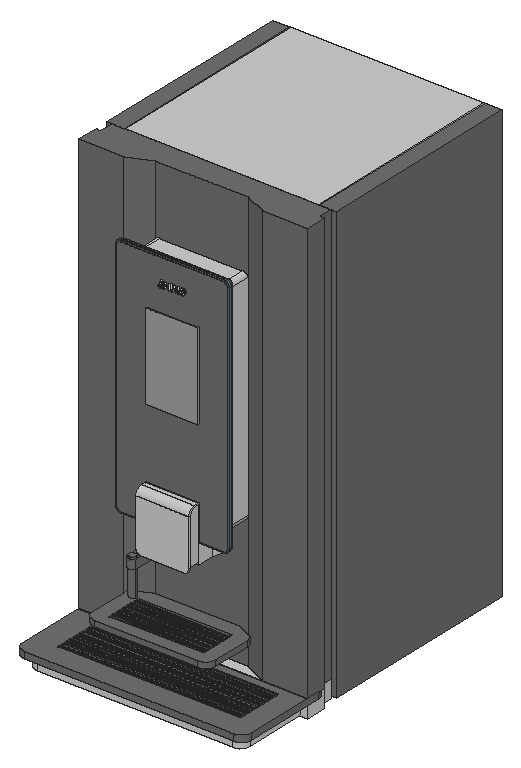
Revit family "QF_Animo_OPTIFRESHTOUCH", category Specialty Equipment, Revit 2014
Parameters (values of type "1006005")
  volume [instance] = 0.18
  pricelist [instance] = "Animo Zero Pricelist"
  noPrintable [instance] = yes
  language [instance] = "English"
  currency [instance] = "€"
  Zone ID [instance] = ""
  Weight in Pounds [instance] = 0
  Weight [instance] = 0.00 kg
  Watts [instance] = 2300 W
  Waste Remarks [instance] = ""
  Warranty Start Date [instance] = ""
  Warranty Duration [instance] = ""
  Volts [instance] = 230 V
  Volt Free Conn [instance] = yes
  Ventilation Remarks [instance] = ""
  URL Recommended Spares List [instance] = ""
  URL Manufacturer [instance] = ""
  URL Cutsheet [instance] = ""
  URL Critical Spares List [instance] = ""
  UM [instance] = ""
  Type Comments [instance] = ""
  Tags [instance] = ""
  Tag Number [instance] = ""
  SupplierCode [instance] = "0281"
  Status [instance] = ""
  Start Up Current [instance] = 0 A
  Specification by User [instance] = ""
  Specification by Manufacturer [instance] = ""
  Specifi_ZoneProgressive [instance] = 0
  Specifi_ZoneOrder [instance] = 0
  Specifi_ZoneName [instance] = ""
  Specifi_ZoneCode [instance] = ""
  Specifi_ShortDescription [instance] = "OPTIFRESH 3 TOUCH INSTANT COFFEE VENDING MACHINE"
  Specifi_ScheduleProgressive [instance] = 0
  Specifi_ParentElementId [instance] = 0
  Specifi_LongDescription [instance] = "The OptiFresh Touch of Animo is simple to operate with easy-to-swipe touchscreen. The machine can be placed practically anywhere and it is easy to use. Brew fresh filter coffee, cappuccino or tea in a matter of seconds, with just one touch. It’s as simple as that."
  Specifi_IsParent [instance] = yes
  Specifi_EquipmentData [instance] = "(OPTIFRESH 3 TOUCH\t1006005\t1\tANIMO\tANIMO\tOPTIFRESH 3 TOUCH INSTANT COFFEE VENDING MACHINE\t1\t1006005.dwg\t1006005.jpg\t\t€\t0\t409\t575\t773\t0\t0.18\t0\t0\t0\t0\t0\t\tEnglish\tFalse\t\t\t\tQF_Animo_OPTIFRESHTOUCH.rfa,1006005)"
  Specifi_ConnectionsData [instance] = "(E\t2.3\t230\t0\t50\t1\t\t\t\t\t52.5\t\t\t70\t0)(CW\t\t3/4\"\t0\t0\t0\t0\t\t\t\t55\t\t\t333\t20)"
  Sound Level [instance] = ""
  Solid Fuel Type [instance] = ""
  Show Clearance [instance] = yes
  Service Life Duration [instance] = ""
  Serial Number [instance] = ""
  Seismic Rating [instance] = ""
  SMACNA No [instance] = ""
  RevitItem [instance] = "QF_Animo_OPTIFRESHTOUCH.rfa,1006005"
  Revision Code [instance] = ""
  Revision [instance] = ""
  Pwidth [instance] = 0
  Production Year [instance] = ""
  ProductType [instance] = 1
  ProductSKU [instance] = ""
  ProductCode [instance] = "1006005"
  Potential Equalisation [instance] = yes
  Point Load [instance] = 0
  Plumbing Remarks [instance] = ""
  Plumbing Connection Type [instance] = ""
  Pheight [instance] = 0
  Phase [instance] = 1
  PWeight [instance] = 0
  PVolume [instance] = 0
  PDepth [instance] = 0
  OutProduction [instance] = yes
  Operational Current [instance] = 0 A
  No-Load Power Draw [instance] = yes
  NAFEM Spec ID Number [instance] = ""
  Model Warning [instance] = ""
  Model = "OPTIFRESH 3 TOUCH"
  Model [instance] = "OPTIFRESH 3 TOUCH"
  Min Ckt Ampacity [instance] = 0 A
  Mechanical Remarks [instance] = ""
  Max Overcurrent Protection [instance] = 0 A
  Masterspec [instance] = ""
  Manufacturer = "ANIMO"
  Manufacturer [instance] = "ANIMO"
  Main switch integrated [instance] = yes
  MU Air RI Height [instance] = 0 mm
  ListPrice [instance] = 0
  Length Actual [instance] = 409 mm
  Item Number [instance] = ""
  InternalTags [instance] = ""
  Installed By [instance] = ""
  Installation Date [instance] = ""
  Image [instance] = "1006005.jpg"
  Identify Quantity as Lot [instance] = yes
  ID [instance] = ""
  Height Actual [instance] = 773 mm
  HP [instance] = "3.08"
  Furnished By [instance] = "ANIMO"
  Foodservice Equipment Identifier [instance] = yes
  FL Amps [instance] = 0 A
  Exhaust RI Height [instance] = 0 mm
  Exhaust Air Temperature [instance] = -273.15 °C
  Exhaust Air Humidity [instance] = 0
  Electrical Remarks [instance] = ""
  Electric Connection Type [instance] = ""
  Elec Conn RI Height [instance] = 0 mm
  Elec Conn Connection Height [instance] = 0 mm
  ETL Approved [instance] = yes
  E-PosY [instance] = 700 mm
  E-PosX [instance] = 525 mm
  E-ConnectorSide [instance] = ""
  Digital Interface [instance] = ""
  Description [instance] = "OPTIFRESH 3 TOUCH INSTANT COFFEE VENDING MACHINE"
  Depth Actual [instance] = 575 mm
  DWG [instance] = "1006005.dwg"
  Cycle [instance] = 50 Hz
  Conn Plug [instance] = ""
  Conn Conduit [instance] = yes
  Condensate Return RI Height [instance] = 0 mm
  Cold Water Temperature Recommended [instance] = -273.15 °C
  Cold Water Size [instance] = 3/4"
  Cold Water RI Height [instance] = 0 mm
  Cold Water Quality [instance] = ""
  Cold Water Minimum Pressure [instance] = 0.0 Pa
  Cold Water Maximum Pressure [instance] = 0.0 Pa
  Cold Water Flow [instance] = 0.0 L/s
  Cold Water Consumption [instance] = 0.0 L/s
  Cold Water Connection Height [instance] = 55 mm
  CW-PosY [instance] = 20 mm
  CW-PosX [instance] = 333 mm
  CW-ConnectorSide [instance] = ""
  CSI MasterFormat [instance] = ""
  CE Approved [instance] = yes
  Barcode [instance] = 0
  Author [instance] = "SPECIFI"
  Asset Identifier [instance] = ""
  Assembly Code = "E1090320"
  Approval URL [instance] = ""
  Apparent Power [instance] = 0 VA
  AccessoryType [instance] = 1
  Accessory [instance] = yes
Reference planes
  plane 1 "Back": y = 0
  plane 2: z = 0
  plane 3 "Left": x = 0
  plane 4 "Right": x = 402
  plane 5 "Front": y = -565
  plane 6 "Top": z = 772.3
Forms (mm)
  Extrusion 1, solid
    sketch origin (-500, 0, 0) x (1, 0, 0) y (0, 1, 0)
      loop
        line (500, -390.191) -> (500, -425.191) -> (579.446, -425.191) -> (619.2, -406.011) -> (781.2, -406.011) -> (822.554, -425.191) -> (902, -425.191) -> (902, -390.191) -> (899.784, -387.975) -> (894.784, -387.975) -> (892.8, -385.991) -> (892.8, -362.601) -> (509.2, -362.601) -> (509.2, -385.991) -> (507.216, -387.975) -> (502.216, -387.975) -> (500, -390.191)
    from 34.648 to 772.3
  Extrusion 2, solid
    sketch origin (-498.603, 0, 0) x (1, 0, 0) y (0, 1, 0)
      loop
        line (529.403, -362.4) -> (529.403, 0) -> (498.603, 0) -> (498.603, -362.4) -> (529.403, -362.4)
      loop
        line (900.603, -362.4) -> (900.603, 0) -> (869.803, 0) -> (869.803, -362.4) -> (900.603, -362.4)
    from 7.785 to 772.3
  Extrusion 3, solid
    sketch origin (-498.603, 0, 0) x (1, 0, 0) y (0, 1, 0)
      loop
        line (529.403, 0) -> (529.403, -362.1) -> (869.803, -362.1) -> (869.803, 0) -> (529.403, 0)
    from 772.3 to 75.731
  Extrusion 4, solid
    sketch origin (-500, 0, 0) x (1, 0, 0) y (0, 0, 1)
      loop
        line (773.2, 652.585) -> (627.2, 652.585)
        arc (627.2, 652.585) -> (621.543, 650.242) -> (619.2, 644.585) r 8
        line (619.2, 644.585) -> (619.2, 270.585)
        arc (619.2, 270.585) -> (621.543, 264.928) -> (627.2, 262.585) r 8
        line (627.2, 262.585) -> (773.2, 262.585)
        arc (773.2, 262.585) -> (778.857, 264.928) -> (781.2, 270.585) r 8
        line (781.2, 270.585) -> (781.2, 644.585)
        arc (781.2, 644.585) -> (778.857, 650.242) -> (773.2, 652.585) r 8
    from 406.011 to 459.991
  Extrusion 5, solid
    sketch origin (-500, 0, 0) x (1, 0, 0) y (0, 1, 0)
      loop
        line (753.079, -406.011) -> (647.321, -406.011) -> (647.321, -420.491) -> (653.093, -442.034) -> (653.574, -469.58) -> (746.826, -469.58) -> (747.307, -442.034) -> (753.079, -420.491) -> (753.079, -406.011)
    from 210.236 to 306.931
  Extrusion 6, solid
    sketch origin (-500, -489.133, -0.533) x (1, 0, 0) y (0, 0, 1)
      loop
        line (653.574, 295.466) -> (653.574, 214.245)
        arc (653.574, 214.245) -> (656.508, 207.162) -> (663.591, 204.228) r 10.017
        line (663.591, 204.228) -> (736.809, 204.228)
        arc (736.809, 204.228) -> (743.892, 207.162) -> (746.826, 214.245) r 10.017
        line (746.826, 214.245) -> (746.826, 295.466) -> (653.574, 295.466)
    from 0 to 2
  Extrusion 7, solid
    sketch origin (-500, 0, -0.533) x (0, 1, 0) y (0, 0, 1)
      loop
        arc (-479.135, 307.464) -> (-487.619, 303.95) -> (-491.133, 295.466) r 11.998
        line (-491.133, 295.466) -> (-489.133, 295.466)
        arc (-489.133, 295.466) -> (-486.205, 302.536) -> (-479.135, 305.464) r 9.998
        line (-479.135, 305.464) -> (-469.58, 305.464) -> (-469.58, 307.464) -> (-479.135, 307.464)
    from 653.574 to 746.826
  Extrusion 8, solid
    sketch origin (0, 0, 0) x (0, 1, 0) y (0, 0, 1)
      loop
        line (-489.133, 214.245) -> (-469.58, 214.245) -> (-469.58, 304.931) -> (-479.135, 304.931)
        arc (-479.135, 304.931) -> (-486.205, 302.002) -> (-489.133, 294.932) r 9.998
        line (-489.133, 294.932) -> (-489.133, 214.245)
    from 246.467 to 153.574
  Extrusion 9, solid
    sketch origin (-500, 0, 0) x (1, 0, 0) y (0, 0, 1)
      loop
        arc (610.2, 669.585) -> (605.25, 667.535) -> (603.2, 662.585) r 7
        line (603.2, 662.585) -> (603.2, 252.585)
        arc (603.2, 252.585) -> (605.25, 247.636) -> (610.2, 245.585) r 7
        line (610.2, 245.585) -> (654.259, 245.585) -> (654.259, 307.464) -> (746.141, 307.464) -> (746.141, 245.585) -> (790.2, 245.585)
        arc (790.2, 245.585) -> (795.15, 247.636) -> (797.2, 252.585) r 7
        line (797.2, 252.585) -> (797.2, 662.585)
        arc (797.2, 662.585) -> (795.15, 667.535) -> (790.2, 669.585) r 7
        line (790.2, 669.585) -> (610.2, 669.585)
    from 459.991 to 469.566
  Extrusion 10, solid
    sketch origin (-500, -120, 0) x (1, 0, 0) y (0, 0, 1)
      loop
        line (610.2, 669.585) -> (790.2, 669.585)
        arc (790.2, 669.585) -> (795.15, 667.535) -> (797.2, 662.585) r 7
        line (797.2, 662.585) -> (797.2, 252.585)
        arc (797.2, 252.585) -> (795.15, 247.636) -> (790.2, 245.585) r 7
        line (790.2, 245.585) -> (746.141, 245.585) -> (746.141, 242.585) -> (790.2, 242.585)
        arc (790.2, 242.585) -> (797.271, 245.514) -> (800.2, 252.585) r 10
        line (800.2, 252.585) -> (800.2, 662.585)
        arc (800.2, 662.585) -> (797.271, 669.656) -> (790.2, 672.585) r 10
        line (790.2, 672.585) -> (610.2, 672.585)
        arc (610.2, 672.585) -> (603.129, 669.656) -> (600.2, 662.585) r 10
        line (600.2, 662.585) -> (600.2, 252.585)
        arc (600.2, 252.585) -> (603.129, 245.514) -> (610.2, 242.585) r 10
        line (610.2, 242.585) -> (654.259, 242.585) -> (654.259, 245.585) -> (610.2, 245.585)
        arc (610.2, 245.585) -> (605.25, 247.636) -> (603.2, 252.585) r 7
        line (603.2, 252.585) -> (603.2, 662.585)
        arc (603.2, 662.585) -> (605.25, 667.535) -> (610.2, 669.585) r 7
    from 345 to 349.566
  Extrusion 11, solid
    sketch origin (-500, -469.566, 0) x (1, 0, 0) y (0, 0, 1)
      loop
        line (654.7, 582.585) -> (654.7, 430.585) -> (745.7, 430.585) -> (745.7, 582.585) -> (654.7, 582.585)
    from 0 to 2
  Extrusion 12, solid, visible <- "Show Clearance"
    sketch origin (-500, -469.566, 0) x (1, 0, 0) y (0, 0, 1)
      loop
        line (676.45, 623.922) -> (677.642, 623.922) -> (681.258, 631.675) -> (684.681, 623.922) -> (686.065, 623.922) -> (681.258, 635.2) -> (676.45, 623.922)
      loop
        line (686.987, 623.922) -> (688.064, 623.922) -> (688.064, 630.993) -> (695.136, 623.922) -> (696.273, 623.922) -> (696.273, 634.164) -> (695.136, 634.164) -> (695.136, 625.946) -> (686.987, 634.095) -> (686.987, 623.922)
      loop
        line (698.118, 634.164) -> (698.118, 623.922) -> (699.253, 623.922) -> (699.253, 634.164) -> (698.118, 634.164)
      loop
        line (700.762, 623.922) -> (701.883, 623.922) -> (703.255, 631.701) -> (706.885, 623.186) -> (710.143, 630.829) -> (711.571, 623.922) -> (712.691, 623.922) -> (710.574, 634.164) -> (709.453, 634.164) -> (706.622, 627.522) -> (703.689, 634.164) -> (702.568, 634.164) -> (700.762, 623.922)
      loop
        circle (718.601, 629.021) r 5.143
      loop
        circle (718.601, 629.021) r 4.034
      loop
        circle (681.032, 623.922) r 1.435
    from 0 to 2
  Extrusion 13, solid
    sketch origin (-500, 0, 0) x (1, 0, 0) y (0, 1, 0)
      loop
        line (598.815, -416.144) -> (598.454, -439.586)
        arc (598.454, -439.586) -> (605.409, -447.747) -> (614.569, -442.173) r 8.265
        line (614.569, -442.173) -> (615.157, -408.524) -> (598.815, -416.144)
    from 145 to 160.101
  Extrusion 14, solid
    sketch origin (-500, 0, 0) x (1, 0, 0) y (0, 1, 0)
      loop
        circle (606.4, -439.772) r 6.186
    from 41.241 to 162.271
  Extrusion 15, solid
    sketch origin (-500, 0, -102.5) x (1, 0, 0) y (0, 1, 0)
      loop
        line (598.815, -416.144) -> (598.454, -439.586)
        arc (598.454, -439.586) -> (605.409, -447.747) -> (614.569, -442.173) r 8.265
        line (614.569, -442.173) -> (615.157, -408.524) -> (598.815, -416.144)
    from 145 to 160.101
  Extrusion 16, solid
    sketch origin (-500, 0, 0) x (1, 0, 0) y (0, 1, 0)
      loop
        line (592.478, -439.964) -> (592.478, -509.772)
        arc (592.478, -509.772) -> (597.523, -521.95) -> (609.7, -526.994) r 17.222
        line (609.7, -526.994) -> (790.7, -526.994)
        arc (790.7, -526.994) -> (802.877, -521.95) -> (807.922, -509.772) r 17.222
        line (807.922, -509.772) -> (807.922, -439.964)
        arc (807.922, -439.964) -> (806.08, -433.09) -> (801.048, -428.058) r 13.747
        line (801.048, -428.058) -> (778.578, -417.099) -> (772.802, -415.551) -> (627.598, -415.551) -> (621.822, -417.099) -> (599.352, -428.058)
        arc (599.352, -428.058) -> (594.32, -433.09) -> (592.478, -439.964) r 13.747
      loop
        line (618.4, -441.798) -> (618.4, -505.747) -> (782, -505.747) -> (782, -441.798) -> (618.4, -441.798)
    from 90 to 99.2
  Extrusion 17, solid
    sketch origin (0, 0, 94.2) x (1, 0, 0) y (0, 1, 0)
      loop
        line (118.4, -501.78) -> (282, -501.78) -> (282, -499.28) -> (118.4, -499.28) -> (118.4, -501.78)
      loop
        line (118.4, -492.105) -> (282, -492.105) -> (282, -489.605) -> (118.4, -489.605) -> (118.4, -492.105)
      loop
        line (118.4, -496.943) -> (282, -496.943) -> (282, -494.443) -> (118.4, -494.443) -> (118.4, -496.943)
      loop
        line (118.4, -487.267) -> (282, -487.267) -> (282, -484.767) -> (118.4, -484.767) -> (118.4, -487.267)
      loop
        line (118.4, -482.429) -> (282, -482.429) -> (282, -479.929) -> (118.4, -479.929) -> (118.4, -482.429)
      loop
        line (118.4, -477.591) -> (282, -477.591) -> (282, -475.091) -> (118.4, -475.091) -> (118.4, -477.591)
      loop
        line (118.4, -472.437) -> (282, -472.437) -> (282, -469.937) -> (118.4, -469.937) -> (118.4, -472.437)
      loop
        line (118.4, -467.6) -> (282, -467.6) -> (282, -465.1) -> (118.4, -465.1) -> (118.4, -467.6)
      loop
        line (118.4, -462.762) -> (282, -462.762) -> (282, -460.262) -> (118.4, -460.262) -> (118.4, -462.762)
      loop
        line (118.4, -457.924) -> (282, -457.924) -> (282, -455.424) -> (118.4, -455.424) -> (118.4, -457.924)
      loop
        line (118.4, -453.086) -> (282, -453.086) -> (282, -450.586) -> (118.4, -450.586) -> (118.4, -453.086)
      loop
        line (118.4, -448.248) -> (282, -448.248) -> (282, -445.748) -> (118.4, -445.748) -> (118.4, -448.248)
    from 0 to 5
  Extrusion 18, solid
    sketch origin (0, 0, 0) x (1, 0, 0) y (0, 1, 0)
      loop
        circle (106.4, -439.772) r 12.086
    from 90 to 69.831
  Extrusion 19, solid
    sketch origin (-500, -38.006, 0) x (1, 0, 0) y (0, 1, 0)
      loop
        line (500, -361.874) -> (500, -509.772)
        arc (500, -509.772) -> (505.044, -521.95) -> (517.222, -526.994) r 17.222
        line (517.222, -526.994) -> (884.778, -526.994)
        arc (884.778, -526.994) -> (896.956, -521.95) -> (902, -509.772) r 17.222
        line (902, -509.772) -> (902, -361.874)
        arc (902, -361.874) -> (900.158, -355.001) -> (895.126, -349.969) r 13.747
        line (895.126, -349.969) -> (506.874, -349.969)
        arc (506.874, -349.969) -> (501.842, -355.001) -> (500, -361.874) r 13.747
      loop
        line (544.388, -403.239) -> (544.388, -487.294) -> (862.872, -487.294) -> (862.872, -403.239) -> (544.388, -403.239)
    from 34.648 to 23.5
  Extrusion 20, solid
    sketch origin (-74.012, -19.553, 29.648) x (1, 0, 0) y (0, 1, 0)
      loop
        line (118.4, -503.78) -> (436.883, -503.78) -> (436.883, -501.28) -> (118.4, -501.28) -> (118.4, -503.78)
      loop
        line (118.4, -494.105) -> (436.883, -494.105) -> (436.883, -491.605) -> (118.4, -491.605) -> (118.4, -494.105)
      loop
        line (118.4, -498.943) -> (436.883, -498.943) -> (436.883, -496.443) -> (118.4, -496.443) -> (118.4, -498.943)
      loop
        line (118.4, -489.267) -> (436.883, -489.267) -> (436.883, -486.767) -> (118.4, -486.767) -> (118.4, -489.267)
      loop
        line (118.4, -484.429) -> (436.883, -484.429) -> (436.883, -481.929) -> (118.4, -481.929) -> (118.4, -484.429)
      loop
        line (118.4, -479.591) -> (436.883, -479.591) -> (436.883, -477.091) -> (118.4, -477.091) -> (118.4, -479.591)
      loop
        line (118.4, -474.437) -> (436.883, -474.437) -> (436.883, -471.937) -> (118.4, -471.937) -> (118.4, -474.437)
      loop
        line (118.4, -469.6) -> (436.883, -469.6) -> (436.883, -467.1) -> (118.4, -467.1) -> (118.4, -469.6)
      loop
        line (118.4, -464.762) -> (436.883, -464.762) -> (436.883, -462.262) -> (118.4, -462.262) -> (118.4, -464.762)
      loop
        line (118.4, -459.924) -> (436.883, -459.924) -> (436.883, -457.424) -> (118.4, -457.424) -> (118.4, -459.924)
      loop
        line (118.4, -455.086) -> (436.883, -455.086) -> (436.883, -452.586) -> (118.4, -452.586) -> (118.4, -455.086)
      loop
        line (118.4, -450.248) -> (436.883, -450.248) -> (436.883, -447.748) -> (118.4, -447.748) -> (118.4, -450.248)
      loop
        line (118.4, -445.41) -> (436.883, -445.41) -> (436.883, -442.91) -> (118.4, -442.91) -> (118.4, -445.41)
      loop
        line (118.4, -440.573) -> (436.883, -440.573) -> (436.883, -438.073) -> (118.4, -438.073) -> (118.4, -440.573)
      loop
        line (118.4, -435.735) -> (436.883, -435.735) -> (436.883, -433.235) -> (118.4, -433.235) -> (118.4, -435.735)
      loop
        line (118.4, -430.897) -> (436.883, -430.897) -> (436.883, -428.397) -> (118.4, -428.397) -> (118.4, -430.897)
      loop
        line (118.4, -426.059) -> (436.883, -426.059) -> (436.883, -423.559) -> (118.4, -423.559) -> (118.4, -426.059)
    from 0 to 5
  Extrusion 21, solid
    sketch origin (-497.903, 0, 0) x (1, 0, 0) y (0, 1, 0)
      loop
        line (529.103, -0.8) -> (529.103, -395.25) -> (869.103, -395.25) -> (869.103, -0.8) -> (529.103, -0.8)
    from 3 to 75.731
  Extrusion 22, solid
    sketch origin (-500, 0, 0) x (1, 0, 0) y (0, 1, 0)
      loop
        line (501.7, -425.291) -> (901.7, -425.291) -> (901.7, -388.641) -> (892.481, -388.641) -> (892.481, -363.291) -> (510.919, -363.291) -> (510.919, -388.641) -> (501.7, -388.641) -> (501.7, -425.291)
    from 3 to 34.648
  Extrusion 23, solid
    sketch origin (-500, 0, 0) x (1, 0, 0) y (0, 1, 0)
      loop
        line (512.05, -423.641) -> (512.05, -533.641)
        arc (512.05, -533.641) -> (517.228, -546.141) -> (529.728, -551.318) r 17.678
        line (529.728, -551.318) -> (871.056, -551.318)
        arc (871.056, -551.318) -> (883.556, -546.141) -> (888.734, -533.641) r 17.678
        line (888.734, -533.641) -> (888.734, -423.641) -> (512.05, -423.641)
    from 23.5 to 3.137
  Extrusion 24, solid
    sketch origin (-500, 2, 0) x (1, 0, 0) y (0, 0, 1)
      loop
        line (587.553, 66.635) -> (552.053, 66.635) -> (552.053, 39.135) -> (587.553, 39.135) -> (587.553, 66.635)
    from 0 to 2
  Extrusion 25, solid
    sketch origin (-512.434, 0, 0) x (1, 0, 0) y (0, 0, 1)
      loop
        circle (848.353, 53.685) r 13.35
      loop
        circle (848.353, 53.685) r 11.35
    from 15.25 to -18.59
  Extrusion 26, solid
    sketch origin (-500, 0, 0) x (1, 0, 0) y (0, 1, 0)
      loop
        circle (519.103, -49.802) r 7.302
      loop
        circle (519.103, -332.298) r 7.302
      loop
        circle (879.897, -49.802) r 7.302
      loop
        circle (879.897, -332.298) r 7.302
    from 0 to 7.785
Cuts and joins
  joined: Extrusion 4, Extrusion 5
Lines and regions (mm)
  symbolic lines, style "200-EquipBorder-2D"
    curve 1: line (0, 0, 0) -> (0, -362.4, 0)
    curve 2: line (0, -362.4, 0) -> (10, -362.4, 0)
    curve 3: line (10, -362.4, 0) -> (10, -387.4, 0)
    curve 4: line (10, -387.4, 0) -> (0, -387.4, 0)
    curve 5: line (0, -387.4, 0) -> (0, -425.191, 0)
    curve 6: line (0, -425.191, 0) -> (79.446, -425.191, 0)
    curve 7: line (79.446, -425.191, 0) -> (119.2, -406.011, 0)
    curve 8: line (119.2, -406.011, 0) -> (281.2, -406.011, 0)
    curve 9: line (281.2, -406.011, 0) -> (322.554, -425.191, 0)
    curve 10: line (322.554, -425.191, 0) -> (402, -425.191, 0)
    curve 11: line (402, -362.4, 0) -> (392, -362.4, 0)
    curve 12: line (392, -362.4, 0) -> (392, -387.4, 0)
    curve 13: line (392, -387.4, 0) -> (402, -387.4, 0)
    curve 14: line (402, -387.4, 0) -> (402, -425.191, 0)
    curve 15: line (99.323, -415.601, 0) -> (99.323, -428.072, 0)
    curve 16: line (115.167, -407.957, 0) -> (115.167, -420.345, 0)
    curve 17: line (115.167, -420.345, 0) -> (119.2, -418.016, 0)
    curve 18: line (0, -425.191, 0) -> (0, -547.778, 0)
    curve 19: arc (0, -547.778, 0) -> (5.044, -559.956, 0) -> (17.222, -565, 0) r 17.222
    curve 20: line (17.222, -565, 0) -> (384.778, -565, 0)
    curve 21: line (402, -425.191, 0) -> (402, -547.778, 0)
    curve 22: arc (402, -547.778, 0) -> (396.956, -559.956, 0) -> (384.778, -565, 0) r 17.222
    curve 23: arc (92.478, -439.966, 0) -> (94.312, -433.105, 0) -> (99.323, -428.072, 0) r 13.756
    curve 24: line (92.478, -439.966, 0) -> (92.478, -509.772, 0)
    curve 25: arc (92.478, -509.772, 0) -> (97.523, -521.95, 0) -> (109.7, -526.994, 0) r 17.222
    curve 26: line (109.7, -526.994, 0) -> (290.7, -526.994, 0)
    curve 27: arc (307.922, -439.966, 0) -> (305.825, -432.666, 0) -> (300.174, -427.592, 0) r 13.756
    curve 28: line (307.922, -439.966, 0) -> (307.922, -509.772, 0)
    curve 29: arc (307.922, -509.772, 0) -> (302.877, -521.95, 0) -> (290.7, -526.994, 0) r 17.222
    curve 30: line (281.2, -418.377, 0) -> (300.174, -427.592, 0)
    curve 33: line (402, 0, 0) -> (402, -362.4, 0)
    curve 34: line (119.2, -406.011, 0) -> (119.2, -459.991, 0)
    curve 35: line (103.2, -459.991, 0) -> (103.2, -464.778, 0)
    curve 36: line (100.2, -464.778, 0) -> (100.2, -469.566, 0)
    curve 37: line (100.2, -469.566, 0) -> (153.2, -469.566, 0)
    curve 38: line (153.2, -491.133, 0) -> (246.826, -491.133, 0)
    curve 39: line (246.826, -491.133, 0) -> (246.826, -469.58, 0)
    curve 40: line (246.826, -469.58, 0) -> (300.351, -469.58, 0)
    curve 41: line (300.351, -469.58, 0) -> (300.351, -465, 0)
    curve 42: line (300.351, -465, 0) -> (297.2, -465, 0)
    curve 43: line (297.2, -459.991, 0) -> (281.2, -459.991, 0)
    curve 49: line (119.2, -459.991, 0) -> (103.2, -459.991, 0)
    curve 50: line (100.2, -464.778, 0) -> (103.2, -464.778, 0)
    curve 51: line (297.2, -459.991, 0) -> (297.2, -465, 0)
    curve 52: line (281.2, -459.991, 0) -> (281.2, -406.011, 0)
    curve 53: line (153.2, -491.133, 0) -> (153.2, -469.566, 0)
    curve 56: line (0, 0, 0) -> (402, 0, 0)
    curve 57: line (349.269, 18.59, 0) -> (349.269, 0, 0)
    curve 58: line (349.269, 18.59, 0) -> (322.568, 18.59, 0)
    curve 59: line (322.568, 18.59, 0) -> (322.568, 0, 0)
  symbolic lines, style "200-EquipInternal-2D"
    curve 31: line (10, -362.4, 0) -> (30.8, -362.4, 0)
    curve 32: line (30.8, 0, 0) -> (30.8, -362.4, 0)
    curve 44: line (119.2, -459.991, 0) -> (281.2, -459.991, 0)
    curve 45: line (153.2, -469.566, 0) -> (246.808, -469.566, 0)
    curve 46: line (99.323, -428.072, 0) -> (99.323, -439.584, 0)
    curve 47: line (114.615, -439.584, 0) -> (115.167, -420.345, 0)
    curve 48: arc (114.615, -439.584, 0) -> (106.969, -447.23, 0) -> (99.323, -439.584, 0) r 7.646
    curve 54: line (392, -362.4, 0) -> (30.8, -362.4, 0)
    curve 55: line (371.2, 0, 0) -> (371.2, -360, 0)
Dimensions and locks
  aligned and locked: level to plane 2
Connectors
  electrical at (69.803, 0, 52.885)
    settings: on Extrusion 24, index 1, voltage 0 V, apparent load 0 VA, apparent load phase1 0 VA, apparent load phase2 0 VA, apparent load phase3 0 VA, power factor 1, load classification "Other", number of poles 1, system type 31, power factor state 1, is connector primary yes, connector utility no, sub classification motor no, connector description "Electrical Connection"
  piping at (335.919, 18.59, 53.685), diameter 20
    settings: on Extrusion 25, index 2, connector inside diameter 24", connector length 0 mm, flow factor 0, pipe flow 0.0 L/s, pressure drop 0.0 Pa, fitting loss kfactor 0, connector angle 0.00°, fixture units 0, engagement length 0 mm, angle of deflection 0.00°, flow configuration 0, flow direction 1, fitting loss method 0, system type 20, joint type 0, gender type 0, connector reference index -1, connector utility 0, adjustable connector no, is connector primary yes, connector description "Cold Water Connection"
